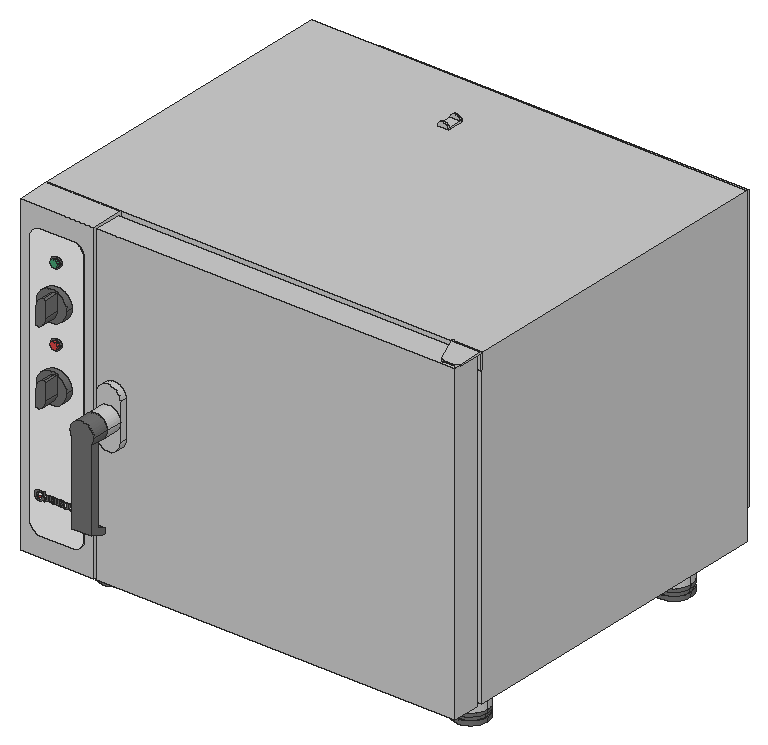
Revit family "QF_GIORIK_GR0523M", category Specialty Equipment, Revit 2014
Parameters (values of type "GR0523M")
  Weight in Pounds = 88.1849
  Watts = 3200 W
  Volts = 230 V
  URL Cutsheet = ""
  URL = "www.giorik.com"
  Legs height [instance] = 60 mm
  Status [instance] = ""
  Specification by User [instance] = ""
  Specification by Manufacturer = ""
  Serial Number = ""
  Seismic Rating = ""
  SMACNA No = ""
  Revision Code [instance] = ""
  Phase = 1
  Number of Poles [instance] = 1
  NAFEM Spec ID Number = ""
  Model = "GR0523M"
  Min Ckt Ampacity = 0 A
  Max Overcurrent Protection = 10 A
  Masterspec = ""
  Manufacturer = "GIORIK"
  Show Logo [instance] = yes
  Show Clearance [instance] = yes
  Item Number [instance] = ""
  Installed By [instance] = ""
  Identify Quantity as Lot [instance] = no
  HP = "0"
  Furnished By [instance] = ""
  Foodservice Equipment Identifier [instance] = yes
  FL Amps = 0 A
  Electrical Remarks [instance] = ""
  Electric Connection Type [instance] = ""
  Elec Conn RI Height [instance] = 0 mm
  Elec Conn Connection Height [instance] = 97 mm
  Description = "HOLDING CABINET-REGENERATOR 5 GN 2/3 - MECHANICAL VERSION"
  Cycle = 50 Hz
  Conn Plug = ""
  Conn Conduit [instance] = no
  CSI MasterFormat = ""
  Assembly Code = "E1090320"
  Apparent Power = 3200 VA
Reference planes
  plane 1 "Back": y = 0
  plane 2: z = 0
  plane 3 "Left": x = 0
  plane 4 "Right": x = 650
  plane 5 "Front": y = -610
  plane 6 "Top": z = 530
  plane 7 "Legs height": z = 60
  plane 8 "Front oven": y = -560
Forms (mm)
  Extrusion 1, solid
    sketch origin (0, 0, 0) x (1, 0, 0) y (0, 0, 1)
      loop
        line (0, 60) -> (650, 60) -> (650, 530) -> (0, 530) -> (0, 60)
    from 65 to 560
  Extrusion 2, solid
    sketch origin (0, -610, 0) x (-1, 0, 0) y (0, 0, 1)
      loop
        line (-650, 530) -> (-650, 60) -> (-115, 60) -> (-115, 530) -> (-650, 530)
    from 0 to 40
  Extrusion 3, solid, visible <- "Show Clearance", detail levels coarse
    sketch origin (430, -505, 0) x (1, 0, 0) y (0, 1, 0)
      loop
        line (-430, -105) -> (-430, 505) -> (220, 505) -> (220, -105) -> (320, -105) -> (320, 605) -> (-530, 605) -> (-530, -105) -> (-430, -105)
    from 0 to 530
  Extrusion 4, solid, visible <- "Show Clearance", detail levels coarse
    sketch origin (0, 115, 60) x (0, 1, 0) y (-1, 0, 0)
      loop
        line (-725, -650) -> (-725, -115)
        arc (-725, -115) -> (-1078.89, -257.831) -> (-1226, -609.964) r 495
        line (-1226, -609.964) -> (-1226, -650) -> (-725, -650)
    from 0 to 470
  Extrusion 5, solid
    sketch origin (-355, -610, 0) x (-1, 0, 0) y (0, 0, 1)
      loop
        arc (-435, 500) -> (-445.607, 495.607) -> (-450, 485) r 15
        line (-450, 485) -> (-450, 105)
        arc (-450, 105) -> (-445.607, 94.393) -> (-435, 90) r 15
        line (-435, 90) -> (-385, 90)
        arc (-385, 90) -> (-374.393, 94.393) -> (-370, 105) r 15
        line (-370, 105) -> (-370, 485)
        arc (-370, 485) -> (-374.393, 495.607) -> (-385, 500) r 15
        line (-385, 500) -> (-435, 500)
    from -0.5 to 2
  Extrusion 6, solid
    sketch origin (-125, -610, -15) x (-1, 0, 0) y (0, 0, 1)
      loop
        circle (-180, 480) r 7.5
    from 0 to -3
  Extrusion 7, solid, visible <- "Show Logo", detail levels medium+fine
    sketch origin (88.078, -610, -128.962) x (-1, 0, 0) y (0, 0, 1)
      loop
        line (48.927, 277.147) -> (42.924, 277.147) -> (44.449, 275.868) -> (44.449, 270.241) -> (42.924, 268.962) -> (48.927, 268.962) -> (47.403, 270.241) -> (47.403, 275.868) -> (48.927, 277.147)
      loop
        line (18.915, 277.147) -> (12.913, 277.147) -> (14.437, 275.868) -> (14.437, 270.241) -> (12.913, 268.962) -> (18.915, 268.962) -> (17.391, 270.241) -> (17.391, 275.868) -> (18.915, 277.147)
      loop
        line (11.821, 277.147) -> (5.819, 277.147) -> (7.343, 275.868) -> (7.343, 273.187) -> (3.742, 276.209) -> (5.081, 277.147) -> (0.501, 277.147) -> (2.678, 276.131) -> (4.387, 274.423) -> (0.783, 270.128) -> (-0.922, 269.962) -> (-0.922, 268.962) -> (5.081, 268.962) -> (4.398, 269.936) -> (6.4, 272.597) -> (7.343, 272.158) -> (7.343, 270.241) -> (5.819, 268.962) -> (11.821, 268.962) -> (10.297, 270.241) -> (10.297, 275.868) -> (11.821, 277.147)
      loop
        line (51.197, 279.623) -> (51.197, 274.366)
        arc (51.197, 274.366) -> (53.744, 276.776) -> (56.933, 278.235) r 10.722
        arc (56.933, 278.235) -> (59.295, 278.135) -> (61.168, 276.694) r 3.911
        arc (61.168, 276.694) -> (62.303, 273.075) -> (61.168, 269.456) r 6.337
        arc (61.168, 269.456) -> (59.902, 268.208) -> (58.271, 267.502) r 4.837
        arc (58.271, 267.502) -> (56.344, 267.623) -> (54.791, 268.769) r 3.416
        line (54.791, 268.769) -> (54.791, 272.897) -> (50.721, 272.897) -> (50.721, 268.553) -> (49.55, 267.383) -> (52.089, 268.063)
        arc (52.089, 268.063) -> (53.114, 268.182) -> (54.071, 267.794) r 2.082
        arc (54.071, 267.794) -> (58.692, 266.273) -> (63.313, 267.794) r 7.781
        arc (63.313, 267.794) -> (65.925, 272.969) -> (63.313, 278.143) r 6.432
        arc (63.313, 278.143) -> (58.59, 279.698) -> (53.867, 278.143) r 7.953
        line (53.867, 278.143) -> (51.197, 279.623)
      loop
        arc (41.968, 275.616) -> (37.517, 277.327) -> (33.065, 275.616) r 6.645
        arc (33.065, 275.616) -> (31.941, 273.088) -> (33.065, 270.56) r 3.405
        arc (33.065, 270.56) -> (37.517, 268.849) -> (41.968, 270.56) r 6.645
        arc (41.968, 270.56) -> (43.092, 273.088) -> (41.968, 275.616) r 3.405
      loop
        arc (39.7, 274.503) -> (37.517, 276.686) -> (35.334, 274.503) r 2.183
        line (35.334, 274.503) -> (35.334, 271.673)
        arc (35.334, 271.673) -> (37.517, 269.49) -> (39.7, 271.673) r 2.183
        line (39.7, 271.673) -> (39.7, 274.503)
      loop
        arc (23.834, 277.152) -> (21.638, 274.956) -> (23.834, 272.76) r 2.196
        line (23.834, 272.76) -> (21.717, 269.759) -> (20.007, 268.962) -> (24.179, 268.962) -> (25.728, 272.284) -> (27.661, 272.284) -> (27.661, 270.078) -> (26.067, 268.962) -> (32.09, 268.962) -> (30.698, 270.009) -> (30.698, 275.9) -> (31.945, 277.152) -> (23.834, 277.152)
      loop
        line (27.661, 276.581) -> (25.656, 276.581)
        arc (25.656, 276.581) -> (23.918, 274.844) -> (25.656, 273.106) r 1.738
        line (25.656, 273.106) -> (27.661, 273.106) -> (27.661, 276.581)
    from 0.5 to -1.5
  Extrusion 8, solid, visible <- "Show Logo", detail levels medium+fine
    sketch origin (107.987, -610, -132.239) x (-1, 0, 0) y (0, 0, 1)
      loop
        line (81.699, 276.174) -> (74.699, 276.174) -> (78.199, 273.257) -> (81.699, 276.174)
    from 0.5 to -1.5
  Extrusion 9, solid
    sketch origin (0, -54, 0) x (1, 0, 0) y (0, 1, 0)
      loop
        circle (60, -72) r 25
    from 0 to 6
  Extrusion 10, solid
    sketch origin (0, -54, 0) x (1, 0, 0) y (0, 1, 0)
      loop
        circle (60, -72) r 25
    from 17 to 60
  Extrusion 11, solid
    sketch origin (0, -54, 0) x (1, 0, 0) y (0, 1, 0)
      loop
        circle (60, -72) r 23
    from 6 to 12
  Extrusion 12, solid
    sketch origin (0, -54, 0) x (1, 0, 0) y (0, 1, 0)
      loop
        circle (60, -72) r 25
    from 12 to 17
  Extrusion 13, solid
    sketch origin (0, -573, 0) x (1, 0, 0) y (0, 1, 0)
      loop
        circle (60, 67) r 25
    from 0 to 6
  Extrusion 14, solid
    sketch origin (0, -573, 0) x (1, 0, 0) y (0, 1, 0)
      loop
        circle (60, 67) r 25
    from 17 to 60
  Extrusion 15, solid
    sketch origin (0, -573, 0) x (1, 0, 0) y (0, 1, 0)
      loop
        circle (60, 67) r 23
    from 6 to 12
  Extrusion 16, solid
    sketch origin (0, -573, 0) x (1, 0, 0) y (0, 1, 0)
      loop
        circle (60, 67) r 25
    from 12 to 17
  Extrusion 17, solid
    sketch origin (530, -54, 0) x (1, 0, 0) y (0, 1, 0)
      loop
        circle (60, -72) r 25
    from 0 to 6
  Extrusion 18, solid
    sketch origin (530, -54, 0) x (1, 0, 0) y (0, 1, 0)
      loop
        circle (60, -72) r 25
    from 17 to 60
  Extrusion 19, solid
    sketch origin (530, -54, 0) x (1, 0, 0) y (0, 1, 0)
      loop
        circle (60, -72) r 23
    from 6 to 12
  Extrusion 20, solid
    sketch origin (530, -54, 0) x (1, 0, 0) y (0, 1, 0)
      loop
        circle (60, -72) r 25
    from 12 to 17
  Extrusion 21, solid
    sketch origin (530, -573, 0) x (1, 0, 0) y (0, 1, 0)
      loop
        circle (60, 67) r 25
    from 0 to 6
  Extrusion 22, solid
    sketch origin (530, -573, 0) x (1, 0, 0) y (0, 1, 0)
      loop
        circle (60, 67) r 25
    from 17 to 60
  Extrusion 23, solid
    sketch origin (530, -573, 0) x (1, 0, 0) y (0, 1, 0)
      loop
        circle (60, 67) r 23
    from 6 to 12
  Extrusion 24, solid
    sketch origin (530, -573, 0) x (1, 0, 0) y (0, 1, 0)
      loop
        circle (60, 67) r 25
    from 12 to 17
  Extrusion 25, solid
    sketch origin (0, 0, 0) x (1, 0, 0) y (0, 0, 1)
      loop
        line (50, 60) -> (600, 60) -> (600, 485) -> (50, 485) -> (50, 60)
    from 0 to 65
  Extrusion 26, solid
    sketch origin (0, 136, 0) x (0, 1, 0) y (0, 0, 1)
      loop
        line (-782.512, 159.723) -> (-795, 166.859) -> (-795, 290) -> (-806, 290) -> (-806, 158.859) -> (-784.914, 152.111)
        arc (-784.914, 152.111) -> (-782.231, 152.546) -> (-781, 154.969) r 3
        line (-781, 154.969) -> (-781, 157.118)
        arc (-781, 157.118) -> (-781.405, 158.624) -> (-782.512, 159.723) r 3
    from 125 to 155
  Extrusion 27, solid
    sketch origin (-185, -610, -70.196) x (-1, 0, 0) y (0, 0, 1)
      loop
        arc (-247.2, 474.346) -> (-244.087, 465.403) -> (-236.094, 460.325) r 14.404
        arc (-236.094, 460.325) -> (-234.423, 460.714) -> (-232.8, 461.269) r 17
        line (-232.8, 461.269) -> (-232.8, 486.046)
        arc (-232.8, 486.046) -> (-235.913, 494.989) -> (-243.906, 500.067) r 14.404
        arc (-243.906, 500.067) -> (-245.577, 499.678) -> (-247.2, 499.123) r 17
        line (-247.2, 499.123) -> (-247.2, 474.346)
    from -30 to -10
  Extrusion 28, solid
    sketch origin (-185, -610, -70.196) x (-1, 0, 0) y (0, 0, 1)
      loop
        circle (-240, 480.196) r 22.5
    from 0 to -10
  Extrusion 29, solid
    sketch origin (-125, -610, -15) x (-1, 0, 0) y (0, 0, 1)
      loop
        circle (-180, 480) r 5.5
    from -3 to -6
  Extrusion 30, solid
    sketch origin (-125, -610, -125) x (-1, 0, 0) y (0, 0, 1)
      loop
        circle (-180, 480) r 7.5
    from 0 to -3
  Extrusion 31, solid
    sketch origin (-125, -610, -125) x (-1, 0, 0) y (0, 0, 1)
      loop
        circle (-180, 480) r 5.5
    from -3 to -6
  Extrusion 32, solid
    sketch origin (2123.865, 0, -187) x (1, 0, 0) y (0, 0, 1)
      loop
        circle (-2101.865, 284) r 10
    from 62.023 to 65
  Extrusion 33, solid
    sketch origin (0, -610, 0) x (-1, 0, 0) y (0, 0, 1)
      loop
        line (0, 60) -> (0, 530) -> (-110, 530) -> (-110, 60) -> (0, 60)
    from 0 to 50
  Extrusion 34, solid
    sketch origin (-185, -610, -180.196) x (-1, 0, 0) y (0, 0, 1)
      loop
        arc (-247.2, 474.346) -> (-244.087, 465.403) -> (-236.094, 460.325) r 14.404
        arc (-236.094, 460.325) -> (-234.423, 460.714) -> (-232.8, 461.269) r 17
        line (-232.8, 461.269) -> (-232.8, 486.046)
        arc (-232.8, 486.046) -> (-235.913, 494.989) -> (-243.906, 500.067) r 14.404
        arc (-243.906, 500.067) -> (-245.577, 499.678) -> (-247.2, 499.123) r 17
        line (-247.2, 499.123) -> (-247.2, 474.346)
    from -30 to -10
  Extrusion 35, solid
    sketch origin (-185, -610, -180.196) x (-1, 0, 0) y (0, 0, 1)
      loop
        circle (-240, 480.196) r 22.5
    from 0 to -10
  Extrusion 36, solid
    sketch origin (0, -610, 0) x (-1, 0, 0) y (0, 0, 1)
      loop
        circle (-140, 290) r 17.5
    from -35 to -60
  Extrusion 37, solid
    sketch origin (0, -610, 45) x (-1, 0, 0) y (0, 0, 1)
      loop
        arc (-122.5, 272.5) -> (-140, 290) -> (-157.5, 272.5) r 17.5
        line (-157.5, 272.5) -> (-157.5, 217.5)
        arc (-157.5, 217.5) -> (-140, 200) -> (-122.5, 217.5) r 17.5
        line (-122.5, 217.5) -> (-122.5, 272.5)
    from 0 to -10
  Extrusion 38, solid
    sketch origin (0, -610, 0) x (-1, 0, 0) y (0, 0, 1)
      loop
        circle (-140, 290) r 17.5
    from -10 to -35
  Extrusion 39, solid
    sketch origin (0, 0, 0) x (1, 0, 0) y (0, 0, 1)
      loop
        line (272, 530) -> (288, 530)
        arc (288, 530) -> (280, 538) -> (272, 530) r 8
    from 147 to 145
  Extrusion 40, solid
    sketch origin (0, 0, 0) x (1, 0, 0) y (0, 0, 1)
      loop
        line (272, 530) -> (288, 530)
        arc (288, 530) -> (280, 538) -> (272, 530) r 8
    from 168 to 170
  Extrusion 41, solid
    sketch origin (0, 0, 0) x (1, 0, 0) y (0, 0, 1)
      loop
        line (272, 530) -> (288, 530)
        arc (288, 530) -> (287.936, 531.008) -> (287.746, 532) r 8
        line (287.746, 532) -> (272.254, 532)
        arc (272.254, 532) -> (272.064, 531.008) -> (272, 530) r 8
    from 147 to 168
  Extrusion 42, solid
    sketch origin (0, 0, 530) x (0, 1, 0) y (-1, 0, 0)
      loop
        line (-562, -650) -> (-562, -605.889) -> (-602.031, -623.68)
        arc (-602.031, -623.68) -> (-604.192, -625.525) -> (-605, -628.249) r 5
        line (-605, -628.249) -> (-605, -645)
        arc (-605, -645) -> (-603.536, -648.536) -> (-600, -650) r 5
        line (-600, -650) -> (-562, -650)
    from 0 to 2
  Extrusion 43, solid
    sketch origin (650, 0, 0) x (0, -1, 0) y (0, 0, 1)
      loop
        arc (562, 532) -> (560.586, 531.414) -> (560, 530) r 2
        line (560, 530) -> (560, 507) -> (562, 507) -> (562, 532)
    from 0 to 44.111
Cuts and joins
  joined: Extrusion 26, Extrusion 36
Lines and regions (mm)
  symbolic lines, style "QF_Clearances", visible <- "Show Clearance", detail levels coarse
    curve 1: line (-100, -610, 1115) -> (-100, 100, 1115)
    curve 2: line (-100, 100, 1115) -> (750, 100, 1115)
    curve 3: line (750, 100, 1115) -> (750, -610, 1115)
  symbolic lines, style "200-EquipBorder-2D"
    curve 4: line (0, -65, 0) -> (650, -65, 0)
    curve 5: line (650, -65, 0) -> (650, -610, 0)
    curve 6: line (0, -65, 0) -> (0, -610, 0)
    curve 7: line (115, -610, 0) -> (650, -610, 0)
    curve 10: line (50, -65, 60) -> (50, 0, 60)
    curve 11: line (50, 0, 60) -> (600, 0, 60)
    curve 12: line (600, 0, 60) -> (600, -65, 60)
    curve 13: line (47.5, -613, 60) -> (47.5, -610, 60)
    curve 14: line (62.5, -613, 60) -> (62.5, -610, 60)
    curve 15: line (47.5, -613, 60) -> (62.5, -613, 60)
    curve 16: line (49.5, -616, 60) -> (49.5, -613, 60)
    curve 17: line (49.5, -616, 60) -> (60.5, -616, 60)
    curve 18: line (60.5, -616, 60) -> (60.5, -613, 60)
    curve 19: line (77.5, -620, 60) -> (77.5, -610, 60)
    curve 20: line (32.5, -620, 60) -> (32.5, -610, 60)
    curve 21: line (32.5, -620, 60) -> (77.5, -620, 60)
    curve 22: line (47.8, -640, 60) -> (47.8, -620, 60)
    curve 23: line (47.8, -640, 60) -> (62.2, -640, 60)
    curve 24: line (62.2, -640, 60) -> (62.2, -620, 60)
    curve 25: line (0, -610, 60) -> (110, -610, 60)
    curve 26: line (110, -610, 60) -> (110, -560, 60)
    curve 27: line (0, -560, 60) -> (650, -560, 60)
    curve 28: line (650, -560, 60) -> (650, -570, 60)
    curve 29: line (609.444, -570, 60) -> (115, -570, 60)
    curve 30: line (115, -570, 60) -> (115, -610, 60)
    curve 31: line (122.5, -670, 60) -> (122.5, -610, 60)
    curve 32: line (122.5, -670, 60) -> (157.5, -670, 60)
    curve 33: line (157.5, -670, 60) -> (157.5, -610, 60)
    curve 39: line (122.5, -645, 60) -> (157.5, -645, 60)
    curve 40: line (605, -560, 530) -> (623.68, -602.031, 530)
    curve 41: arc (623.68, -602.031, 530) -> (625.525, -604.192, 530) -> (628.249, -605, 530) r 5
    curve 42: line (628.249, -605, 530) -> (645, -605, 530)
    curve 43: arc (645, -605, 530) -> (648.536, -603.536, 530) -> (650, -600, 530) r 5
  symbolic lines, style "QF_Door-Drawer Clearances", visible <- "Show Clearance", detail levels coarse
    curve 8: line (650, -610, 0) -> (650, -1111, 0)
    curve 9: line (650, -1111, 0) -> (610, -1111, 0)
    curve 34: arc (609.964, -1111, 60) -> (257.831, -963.89, 60) -> (115, -610, 60) r 495
  symbolic lines, style "200-EquipInternal-2D"
    curve 35: line (272, -145, 60) -> (288, -145, 60)
    curve 36: line (272, -170, 60) -> (272, -145, 60)
    curve 37: line (288, -170, 60) -> (272, -170, 60)
    curve 38: line (288, -145, 60) -> (288, -170, 60)
Dimensions and locks
  plane 3 "Left" to plane 4 "Right" = 650 mm
  plane 5 "Front" to plane 1 "Back" = 610 mm
  plane 6 "Top" to plane 7 "Legs height" = 470 mm
  locked: plane 8 "Front oven" to plane 5 "Front" at 50
  "Legs height": plane 7 "Legs height" to plane 2
  aligned and locked: level to plane 2
  aligned and locked: plane 6 "Top" to Extrusion 3
  aligned and locked: Extrusion 1 to plane 8 "Front oven"
  aligned and locked: plane 7 "Legs height" to Extrusion 10
  aligned and locked: plane 7 "Legs height" to Extrusion 18
  aligned and locked: plane 7 "Legs height" to Extrusion 14
  aligned and locked: plane 7 "Legs height" to Extrusion 22
Automatic sketch dimensions
  curve 6 to plane 3 "Left" = 0 mm
  curve 7 to plane 5 "Front" = 0 mm
  curve 4 to plane 4 "Right" = 0 mm
  curve 6 to plane 5 "Front" = 0 mm
  curve 8 to plane 5 "Front" = 501 mm
  plane 1 "Back" to curve 5 = 65 mm
  plane 3 "Left" to curve 7 = 115 mm
  curve 9 to curve 8 = 40 mm
  Extrusion 1 sketch curve to plane 3 "Left" = 0 mm
  plane 4 "Right" to Extrusion 1 sketch curve = 0 mm
  Extrusion 1 sketch curve to plane 7 "Legs height" = 0 mm
  Extrusion 1 sketch curve to plane 6 "Top" = 0 mm
  plane 4 "Right" to Extrusion 2 sketch curve = 0 mm
  Extrusion 2 sketch curve to plane 7 "Legs height" = 0 mm
  Extrusion 2 sketch curve to plane 6 "Top" = 0 mm
  plane 3 "Left" to Extrusion 2 sketch curve = 115 mm
  Extrusion 3 sketch curve to plane 5 "Front" = 0 mm  (x2)
  plane 1 "Back" to Extrusion 3 sketch curve = 0 mm
  Extrusion 3 sketch curve to plane 3 "Left" = 0 mm
  Extrusion 3 sketch curve to plane 4 "Right" = 0 mm
  Extrusion 3 sketch curve to Extrusion 3 sketch curve = 100 mm
  Extrusion 3 sketch curve to plane 4 "Right" = 100 mm
  Extrusion 3 sketch curve to plane 1 "Back" = 100 mm
  Extrusion 4 sketch curve to plane 4 "Right" = 0 mm
  Extrusion 4 sketch curve to plane 5 "Front" = 0 mm
  Extrusion 4 sketch curve to plane 5 "Front" = 6 mm
  Extrusion 4 sketch curve to Extrusion 4 sketch curve = 495 mm
  plane 4 "Right" to Extrusion 4 sketch curve = 40.036 mm
  Extrusion 5 sketch curve to plane 6 "Top" = 45 mm
  plane 3 "Left" to Extrusion 5 sketch curve = 95 mm
  Extrusion 5 sketch curve to Extrusion 5 sketch curve = 15 mm  (x2)
  plane 3 "Left" to Extrusion 5 sketch curve = 30 mm  (x2)
  plane 3 "Left" to Extrusion 5 sketch curve = 15 mm
  plane 7 "Legs height" to Extrusion 5 sketch curve = 45 mm
  curve 3 to plane 5 "Front" = 0 mm
  curve 1 to plane 5 "Front" = 0 mm
  curve 3 to plane 4 "Right" = 100 mm
  curve 2 to plane 3 "Left" = 100 mm
  curve 3 to plane 1 "Back" = 100 mm
  plane 3 "Left" to Extrusion 6 sketch curve = 55 mm
  Extrusion 6 sketch curve to plane 6 "Top" = 65 mm
  plane 3 "Left" to Extrusion 7 sketch curve = 89 mm
  Extrusion 7 sketch curve to Extrusion 7 sketch curve = 1.422 mm
  Extrusion 7 sketch curve to Extrusion 7 sketch curve = 1.704 mm
  Extrusion 7 sketch curve to Extrusion 7 sketch curve = 2.178 mm
  Extrusion 7 sketch curve to Extrusion 7 sketch curve = 1.064 mm
  Extrusion 7 sketch curve to Extrusion 7 sketch curve = 0.645 mm
  Extrusion 7 sketch curve to Extrusion 7 sketch curve = 3.616 mm
  Extrusion 7 sketch curve to Extrusion 7 sketch curve = 0.682 mm
  Extrusion 7 sketch curve to Extrusion 7 sketch curve = 1.339 mm
  Extrusion 7 sketch curve to Extrusion 7 sketch curve = 0.738 mm  (x2)
  Extrusion 7 sketch curve to Extrusion 7 sketch curve = 2.013 mm
  Extrusion 7 sketch curve to Extrusion 7 sketch curve = 1.524 mm  (x9)
  Extrusion 7 sketch curve to Extrusion 7 sketch curve = 0 mm  (x18)
  Extrusion 7 sketch curve to Extrusion 7 sketch curve = 2.954 mm  (x3)
  Extrusion 7 sketch curve to Extrusion 7 sketch curve = 1.091 mm  (x2)
  Extrusion 7 sketch curve to Extrusion 7 sketch curve = 1.092 mm
  Extrusion 7 sketch curve to Extrusion 7 sketch curve = 1.71 mm
  Extrusion 7 sketch curve to Extrusion 7 sketch curve = 2.116 mm
  Extrusion 7 sketch curve to Extrusion 7 sketch curve = 2.461 mm
  Extrusion 7 sketch curve to Extrusion 7 sketch curve = 1.822 mm
  Extrusion 7 sketch curve to Extrusion 7 sketch curve = 0.072 mm
  Extrusion 7 sketch curve to Extrusion 7 sketch curve = 1.888 mm
  Extrusion 7 sketch curve to Extrusion 7 sketch curve = 2.005 mm
  Extrusion 7 sketch curve to Extrusion 7 sketch curve = 3.037 mm
  Extrusion 7 sketch curve to Extrusion 7 sketch curve = 1.247 mm
  Extrusion 7 sketch curve to Extrusion 7 sketch curve = 1.392 mm
  Extrusion 7 sketch curve to Extrusion 7 sketch curve = 3.389 mm
  Extrusion 7 sketch curve to Extrusion 7 sketch curve = 0.012 mm  (x2)
  Extrusion 7 sketch curve to Extrusion 7 sketch curve = 2.183 mm  (x2)
  Extrusion 7 sketch curve to Extrusion 7 sketch curve = 3.225 mm  (x2)
  Extrusion 7 sketch curve to Extrusion 7 sketch curve = 0.623 mm
  Extrusion 7 sketch curve to Extrusion 7 sketch curve = 3.318 mm
  Extrusion 7 sketch curve to Extrusion 7 sketch curve = 2.27 mm
  Extrusion 7 sketch curve to Extrusion 7 sketch curve = 1.368 mm
  Extrusion 7 sketch curve to Extrusion 7 sketch curve = 0.745 mm
  Extrusion 7 sketch curve to Extrusion 7 sketch curve = 2.67 mm
  Extrusion 7 sketch curve to Extrusion 7 sketch curve = 3.594 mm
  Extrusion 7 sketch curve to Extrusion 7 sketch curve = 1.175 mm
  Extrusion 7 sketch curve to Extrusion 7 sketch curve = 1.231 mm
  Extrusion 7 sketch curve to Extrusion 7 sketch curve = 0.315 mm
  Extrusion 7 sketch curve to Extrusion 7 sketch curve = 0.76 mm
  Extrusion 7 sketch curve to Extrusion 7 sketch curve = 1.077 mm
  Extrusion 7 sketch curve to Extrusion 7 sketch curve = 0.735 mm
  Extrusion 7 sketch curve to Extrusion 7 sketch curve = 0.801 mm
  Extrusion 7 sketch curve to Extrusion 7 sketch curve = 2.227 mm
  plane 7 "Legs height" to Extrusion 7 sketch curve = 77.157 mm
  Extrusion 7 sketch curve to Extrusion 7 sketch curve = 1.264 mm
  Extrusion 7 sketch curve to Extrusion 7 sketch curve = 1.769 mm
  Extrusion 7 sketch curve to Extrusion 7 sketch curve = 1.944 mm
  Extrusion 7 sketch curve to Extrusion 7 sketch curve = 0.491 mm
  Extrusion 7 sketch curve to Extrusion 7 sketch curve = 0.706 mm
  Extrusion 7 sketch curve to Extrusion 7 sketch curve = 1.579 mm  (x2)
  Extrusion 7 sketch curve to Extrusion 7 sketch curve = 0.797 mm
  Extrusion 7 sketch curve to Extrusion 7 sketch curve = 0.974 mm
  Extrusion 7 sketch curve to Extrusion 7 sketch curve = 1 mm
  Extrusion 7 sketch curve to Extrusion 7 sketch curve = 1.047 mm
  Extrusion 7 sketch curve to Extrusion 7 sketch curve = 1.116 mm
  Extrusion 7 sketch curve to Extrusion 7 sketch curve = 0.166 mm
  Extrusion 7 sketch curve to Extrusion 7 sketch curve = 1.279 mm  (x9)
  Extrusion 7 sketch curve to Extrusion 7 sketch curve = 1.72 mm
  Extrusion 7 sketch curve to Extrusion 7 sketch curve = 2.064 mm
  Extrusion 7 sketch curve to Extrusion 7 sketch curve = 0.991 mm  (x2)
  Extrusion 7 sketch curve to Extrusion 7 sketch curve = 0.911 mm
  Extrusion 7 sketch curve to Extrusion 7 sketch curve = 1.917 mm
  Extrusion 7 sketch curve to Extrusion 7 sketch curve = 1.385 mm
  Extrusion 7 sketch curve to Extrusion 7 sketch curve = 2.206 mm
  Extrusion 7 sketch curve to Extrusion 7 sketch curve = 0.44 mm
  Extrusion 7 sketch curve to Extrusion 7 sketch curve = 0.477 mm
  Extrusion 7 sketch curve to Extrusion 7 sketch curve = 2.657 mm
  Extrusion 7 sketch curve to Extrusion 7 sketch curve = 1.224 mm
  Extrusion 7 sketch curve to Extrusion 7 sketch curve = 0.178 mm
  Extrusion 7 sketch curve to Extrusion 7 sketch curve = 1.415 mm  (x3)
  Extrusion 7 sketch curve to Extrusion 7 sketch curve = 0.822 mm
  Extrusion 7 sketch curve to Extrusion 7 sketch curve = 1.03 mm
  Extrusion 7 sketch curve to Extrusion 7 sketch curve = 1.086 mm
  Extrusion 7 sketch curve to Extrusion 7 sketch curve = 1.468 mm
  Extrusion 7 sketch curve to Extrusion 7 sketch curve = 1.825 mm
  Extrusion 7 sketch curve to Extrusion 7 sketch curve = 0.406 mm
  Extrusion 7 sketch curve to Extrusion 7 sketch curve = 1.738 mm
  Extrusion 7 sketch curve to Extrusion 7 sketch curve = 0.113 mm
  Extrusion 7 sketch curve to Extrusion 7 sketch curve = 5.627 mm
  Extrusion 7 sketch curve to Extrusion 7 sketch curve = 2.68 mm
  Extrusion 7 sketch curve to Extrusion 7 sketch curve = 1.502 mm
  Extrusion 7 sketch curve to Extrusion 7 sketch curve = 1.252 mm
  Extrusion 7 sketch curve to Extrusion 7 sketch curve = 1.708 mm
  Extrusion 7 sketch curve to Extrusion 7 sketch curve = 0.078 mm
  Extrusion 7 sketch curve to Extrusion 7 sketch curve = 1.015 mm
  Extrusion 7 sketch curve to Extrusion 7 sketch curve = 0.092 mm
  Extrusion 7 sketch curve to Extrusion 7 sketch curve = 1.48 mm
  Extrusion 7 sketch curve to Extrusion 7 sketch curve = 1.121 mm
  plane 3 "Left" to Extrusion 8 sketch curve = 33.288 mm
  Extrusion 8 sketch curve to Extrusion 8 sketch curve = 3.5 mm  (x2)
  plane 7 "Legs height" to Extrusion 8 sketch curve = 81.019 mm
  Extrusion 8 sketch curve to Extrusion 8 sketch curve = 2.917 mm
  plane 3 "Left" to Extrusion 9 sketch curve = 60 mm
  plane 1 "Back" to Extrusion 9 sketch curve = 126 mm
  plane 3 "Left" to Extrusion 10 sketch curve = 60 mm
  plane 1 "Back" to Extrusion 10 sketch curve = 126 mm
  plane 3 "Left" to Extrusion 11 sketch curve = 60 mm
  plane 1 "Back" to Extrusion 11 sketch curve = 126 mm
  plane 3 "Left" to Extrusion 12 sketch curve = 60 mm
  plane 1 "Back" to Extrusion 12 sketch curve = 126 mm
  plane 3 "Left" to Extrusion 13 sketch curve = 60 mm
  plane 8 "Front oven" to Extrusion 13 sketch curve = 54 mm
  plane 3 "Left" to Extrusion 14 sketch curve = 60 mm
  plane 8 "Front oven" to Extrusion 14 sketch curve = 54 mm
  plane 3 "Left" to Extrusion 15 sketch curve = 60 mm
  plane 8 "Front oven" to Extrusion 15 sketch curve = 54 mm
  plane 3 "Left" to Extrusion 16 sketch curve = 60 mm
  plane 8 "Front oven" to Extrusion 16 sketch curve = 54 mm
  plane 4 "Right" to Extrusion 17 sketch curve = 60 mm
  plane 1 "Back" to Extrusion 17 sketch curve = 126 mm
  plane 4 "Right" to Extrusion 18 sketch curve = 60 mm
  plane 1 "Back" to Extrusion 18 sketch curve = 126 mm
  plane 4 "Right" to Extrusion 19 sketch curve = 60 mm
  plane 1 "Back" to Extrusion 19 sketch curve = 126 mm
  plane 4 "Right" to Extrusion 20 sketch curve = 60 mm
  plane 1 "Back" to Extrusion 20 sketch curve = 126 mm
  plane 4 "Right" to Extrusion 21 sketch curve = 60 mm
  plane 8 "Front oven" to Extrusion 21 sketch curve = 54 mm
  plane 4 "Right" to Extrusion 22 sketch curve = 60 mm
  plane 8 "Front oven" to Extrusion 22 sketch curve = 54 mm
  plane 4 "Right" to Extrusion 23 sketch curve = 60 mm
  plane 8 "Front oven" to Extrusion 23 sketch curve = 54 mm
  plane 4 "Right" to Extrusion 24 sketch curve = 60 mm
  plane 8 "Front oven" to Extrusion 24 sketch curve = 54 mm
  Extrusion 25 sketch curve to plane 7 "Legs height" = 0 mm
  plane 3 "Left" to Extrusion 25 sketch curve = 50 mm
  plane 4 "Right" to Extrusion 25 sketch curve = 50 mm
  Extrusion 25 sketch curve to plane 6 "Top" = 45 mm
  Extrusion 26 sketch curve to plane 5 "Front" = 60 mm
  Extrusion 26 sketch curve to Extrusion 26 sketch curve = 11 mm
  Extrusion 26 sketch curve to Extrusion 26 sketch curve = 10.086 mm
  Extrusion 26 sketch curve to Extrusion 26 sketch curve = 0.914 mm
  Extrusion 26 sketch curve to Extrusion 26 sketch curve = 0 mm
  Extrusion 26 sketch curve to Extrusion 26 sketch curve = 1.488 mm
  Extrusion 26 sketch curve to Extrusion 26 sketch curve = 3 mm
  plane 7 "Legs height" to Extrusion 26 sketch curve = 92.111 mm
  Extrusion 26 sketch curve to Extrusion 26 sketch curve = 2.149 mm
  Extrusion 26 sketch curve to Extrusion 26 sketch curve = 1.741 mm
  Extrusion 26 sketch curve to Extrusion 26 sketch curve = 8 mm
  Extrusion 26 sketch curve to Extrusion 26 sketch curve = 123.141 mm
  plane 3 "Left" to Extrusion 27 sketch curve = 62.204 mm
  Extrusion 27 sketch curve to Extrusion 27 sketch curve = 0.004 mm
  Extrusion 27 sketch curve to Extrusion 27 sketch curve = 6.312 mm  (x2)
  Extrusion 27 sketch curve to Extrusion 27 sketch curve = 1.783 mm
  Extrusion 27 sketch curve to Extrusion 27 sketch curve = 8.091 mm
  Extrusion 27 sketch curve to plane 6 "Top" = 138.927 mm
  Extrusion 27 sketch curve to Extrusion 27 sketch curve = 13.077 mm  (x2)
  Extrusion 27 sketch curve to Extrusion 27 sketch curve = 2.709 mm  (x2)
  Extrusion 27 sketch curve to Extrusion 27 sketch curve = 6.281 mm
  plane 3 "Left" to Extrusion 28 sketch curve = 55 mm
  Extrusion 28 sketch curve to plane 6 "Top" = 120 mm
  plane 3 "Left" to Extrusion 29 sketch curve = 55 mm
  Extrusion 29 sketch curve to plane 6 "Top" = 65 mm
  plane 3 "Left" to Extrusion 30 sketch curve = 55 mm
  Extrusion 30 sketch curve to plane 6 "Top" = 175 mm
  plane 3 "Left" to Extrusion 31 sketch curve = 55 mm
  Extrusion 31 sketch curve to plane 6 "Top" = 175 mm
  plane 3 "Left" to Extrusion 32 sketch curve = 22 mm
  plane 7 "Legs height" to Extrusion 32 sketch curve = 37 mm
  Extrusion 33 sketch curve to plane 7 "Legs height" = 0 mm
  Extrusion 33 sketch curve to plane 6 "Top" = 0 mm
  Extrusion 33 sketch curve to plane 3 "Left" = 0 mm
  plane 3 "Left" to Extrusion 33 sketch curve = 110 mm
  plane 3 "Left" to Extrusion 34 sketch curve = 62.204 mm
  Extrusion 34 sketch curve to Extrusion 34 sketch curve = 0.004 mm
  Extrusion 34 sketch curve to Extrusion 34 sketch curve = 6.312 mm  (x2)
  Extrusion 34 sketch curve to Extrusion 34 sketch curve = 1.783 mm
  Extrusion 34 sketch curve to Extrusion 34 sketch curve = 8.091 mm
  plane 7 "Legs height" to Extrusion 34 sketch curve = 221.073 mm
  Extrusion 34 sketch curve to Extrusion 34 sketch curve = 13.077 mm  (x2)
  Extrusion 34 sketch curve to Extrusion 34 sketch curve = 2.709 mm  (x2)
  Extrusion 34 sketch curve to Extrusion 34 sketch curve = 6.281 mm
  plane 3 "Left" to Extrusion 35 sketch curve = 55 mm
  Extrusion 35 sketch curve to plane 6 "Top" = 230 mm
  plane 3 "Left" to Extrusion 36 sketch curve = 140 mm
  plane 7 "Legs height" to Extrusion 36 sketch curve = 230 mm
  plane 3 "Left" to Extrusion 37 sketch curve = 157.5 mm
  Extrusion 37 sketch curve to Extrusion 37 sketch curve = 17.5 mm
  plane 7 "Legs height" to Extrusion 37 sketch curve = 202.5 mm
  Extrusion 37 sketch curve to Extrusion 37 sketch curve = 55 mm
  plane 3 "Left" to Extrusion 38 sketch curve = 140 mm
  Extrusion 38 sketch curve to plane 6 "Top" = 240 mm
  Extrusion 39 sketch curve to plane 6 "Top" = 0 mm
  plane 3 "Left" to Extrusion 39 sketch curve = 280 mm
  Extrusion 39 sketch curve to Extrusion 39 sketch curve = 8 mm
  Extrusion 40 sketch curve to plane 6 "Top" = 0 mm
  plane 3 "Left" to Extrusion 40 sketch curve = 272 mm
  Extrusion 40 sketch curve to Extrusion 40 sketch curve = 8 mm
  Extrusion 41 sketch curve to plane 6 "Top" = 0 mm
  plane 3 "Left" to Extrusion 41 sketch curve = 272 mm
  plane 6 "Top" to Extrusion 41 sketch curve = 2 mm
  Extrusion 41 sketch curve to Extrusion 41 sketch curve = 0.254 mm  (x2)
  Extrusion 41 sketch curve to Extrusion 41 sketch curve = 0 mm
  Extrusion 42 sketch curve to plane 4 "Right" = 0 mm
  plane 5 "Front" to Extrusion 42 sketch curve = 5 mm
  Extrusion 42 sketch curve to Extrusion 42 sketch curve = 2.969 mm
  Extrusion 42 sketch curve to Extrusion 42 sketch curve = 5 mm  (x2)
  Extrusion 42 sketch curve to plane 8 "Front oven" = 2 mm
  Extrusion 42 sketch curve to Extrusion 42 sketch curve = 16.751 mm
  Extrusion 42 sketch curve to Extrusion 42 sketch curve = 17.791 mm
  Extrusion 43 sketch curve to plane 8 "Front oven" = 0 mm
  Extrusion 43 sketch curve to plane 6 "Top" = 0 mm
  Extrusion 43 sketch curve to Extrusion 43 sketch curve = 2 mm
  Extrusion 43 sketch curve to Extrusion 43 sketch curve = 23 mm
  curve 13 to plane 5 "Front" = 0 mm
  curve 33 to plane 5 "Front" = 0 mm
  curve 34 to plane 5 "Front" = 0 mm
  curve 31 to plane 5 "Front" = 0 mm
  curve 28 to plane 4 "Right" = 0 mm
  curve 27 to plane 8 "Front oven" = 0 mm
  plane 1 "Back" to curve 12 = 0 mm
  curve 27 to plane 3 "Left" = 0 mm
  curve 25 to plane 3 "Left" = 0 mm
  curve 15 to plane 5 "Front" = 3 mm
  curve 16 to curve 16 = 3 mm
  curve 34 to plane 5 "Front" = 6 mm
  curve 19 to plane 5 "Front" = 10 mm
  curve 22 to curve 22 = 20 mm
  curve 31 to plane 5 "Front" = 60 mm
  curve 30 to plane 8 "Front oven" = 10 mm
  plane 1 "Back" to curve 37 = 170 mm
  curve 37 to curve 35 = 25 mm
  plane 4 "Right" to curve 34 = 40.036 mm
  plane 4 "Right" to curve 12 = 50 mm
  plane 3 "Left" to curve 38 = 288 mm
  curve 35 to curve 36 = 16 mm
  plane 3 "Left" to curve 32 = 157.5 mm
  curve 32 to curve 31 = 35 mm
  curve 31 to curve 30 = 7.5 mm
  curve 30 to curve 26 = 5 mm
  curve 25 to curve 19 = 32.5 mm
  curve 19 to curve 14 = 15 mm
  curve 19 to curve 24 = 15.3 mm
  curve 14 to curve 17 = 2 mm
  plane 3 "Left" to curve 10 = 50 mm
  curve 17 to curve 17 = 11 mm
  curve 23 to curve 23 = 14.4 mm
  curve 16 to curve 13 = 2 mm
  curve 22 to curve 21 = 15.3 mm
  curve 32 to curve 39 = 25 mm
  curve 28 to plane 8 "Front oven" = 10 mm
  plane 1 "Back" to curve 12 = 65 mm
  plane 1 "Back" to curve 10 = 65 mm
  curve 28 to curve 29 = 40.556 mm
  curve 43 to plane 4 "Right" = 0 mm
  curve 40 to plane 8 "Front oven" = 0 mm
  plane 5 "Front" to curve 41 = 10 mm
  plane 4 "Right" to curve 43 = 5 mm
  plane 5 "Front" to curve 43 = 10 mm
  curve 40 to curve 41 = 2.031 mm
  curve 42 to curve 42 = 16.751 mm
  plane 4 "Right" to curve 40 = 45 mm
  radius of Extrusion 6 sketch curve = 7.5 mm
  radius of Extrusion 9 sketch curve = 25 mm
  radius of Extrusion 10 sketch curve = 25 mm
  radius of Extrusion 11 sketch curve = 23 mm
  radius of Extrusion 12 sketch curve = 25 mm
  radius of Extrusion 13 sketch curve = 25 mm
  radius of Extrusion 14 sketch curve = 25 mm
  radius of Extrusion 15 sketch curve = 23 mm
  radius of Extrusion 16 sketch curve = 25 mm
  radius of Extrusion 17 sketch curve = 25 mm
  radius of Extrusion 18 sketch curve = 25 mm
  radius of Extrusion 19 sketch curve = 23 mm
  radius of Extrusion 20 sketch curve = 25 mm
  radius of Extrusion 21 sketch curve = 25 mm
  radius of Extrusion 22 sketch curve = 25 mm
  radius of Extrusion 23 sketch curve = 23 mm
  radius of Extrusion 24 sketch curve = 25 mm
  radius of Extrusion 28 sketch curve = 22.5 mm
  radius of Extrusion 29 sketch curve = 5.5 mm
  radius of Extrusion 30 sketch curve = 7.5 mm
  radius of Extrusion 31 sketch curve = 5.5 mm
  radius of Extrusion 32 sketch curve = 10 mm
  radius of Extrusion 35 sketch curve = 22.5 mm
  radius of Extrusion 36 sketch curve = 17.5 mm
  radius of Extrusion 38 sketch curve = 17.5 mm
Connectors
  electrical at (22, -62.023, 97), driven by "Number of Poles", driven by "Volts", driven by "Apparent Power"
    settings: on Extrusion 32, index 5, voltage 230 V, apparent load 0 VA, apparent load phase1 3200 VA, apparent load phase2 0 VA, apparent load phase3 0 VA, power factor 1, load classification "Other", number of poles 1, system type 31, power factor state 1, is connector primary yes, connector utility no, sub classification motor no, connector description "Electrical connection"
